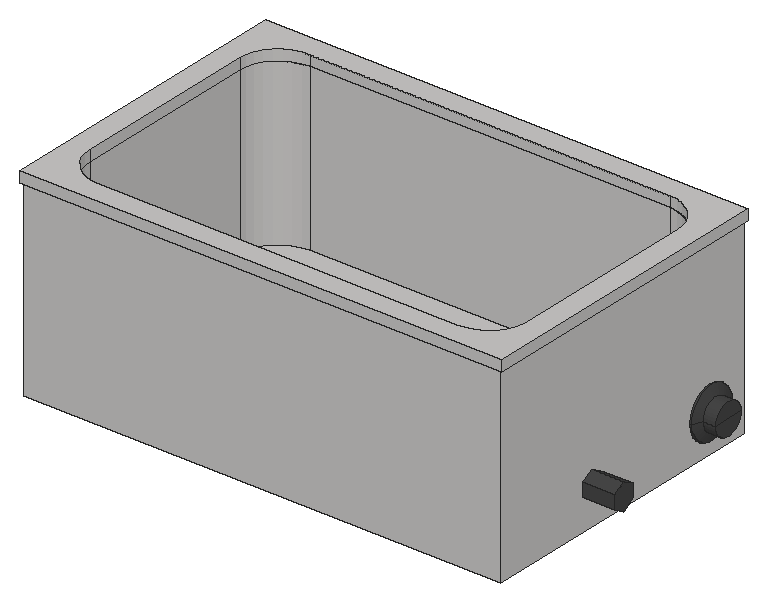
Revit family "QF_BOURGEAT_modele_a_poser", category Equipement spécialisé, Revit 2015
Parameters
  URL Fabricant = "http://www.bourgeat.fr"
  URL = ""
  Type de Raccord Electrique = ""
  Type article = ""
  Tension = 230 V
  Spécification du Fabricant = "bain_marie_de_table_à_poser"
  Remarques Electricité = ""
  Puissance électrique  = 1200 W
  Profondeur hors tout = 235 mm
  Poids net à vide = 9.00 kg
  Phase = 2
  Niveau_sonore = ""
  Nature_isolant = "30mm de laine de roche"
  Modèle = "867101"
  Longueur hors tout = 620 mm
  Intensité nominale = 5.21739 A
  Indice de protection = "IP21"
  Hauteur hors tout = 370 mm
  Fréquence = 50 Hz
  Fabricant = "BOURGEAT"
  Contact_SAV = "0033(4).76.32.14.44"
  Charge max = 20.00 kg
Reference planes
  plane 1 "Centre (avant/arrière)": y = 0
  plane 2: z = 0
  plane 3 "Centre (gauche/droite)": x = 0
  plane 4: x = 277.5
  plane 5: x = -277.5
  plane 6: y = 177.5
  plane 7: y = -177.5
  plane 8: z = 240
  plane 9: z = 252
  plane 10: z = 20
  plane 11: x = -275
  plane 12: x = 275
  plane 13: y = 175
  plane 14: y = -175
  plane 15: y = 152.5
  plane 16: x = 252.5
  plane 17: y = -152.5
  plane 18: x = -252.5
  plane 19: z = 50
  plane 20: y = -45
  plane 21: z = 65
  plane 22: y = -31.5
  plane 23: y = -58.5
  plane 24: z = 80.5
  plane 25: z = 49.5
  plane 26: z = 72.8
  plane 27: z = 57.2
  plane 28: x = 312.5
  plane 29: y = 125
  plane 30: x = 278
  plane 31: x = 282
  plane 32: x = 297
  plane 33: z = 94
  plane 34: z = 83
  plane 35: z = 40
  plane 36: y = 155
  plane 37: z = 213
  plane 38: z = 205
  plane 39: y = -120
  plane 40: y = -40
  plane 41: z = 196.5
  plane 42: z = 196
  plane 43: z = 188
  plane 44: z = 179
  plane 45: z = 171
  plane 46: z = 162
  plane 47: z = 154
  plane 48: z = 145
  plane 49: z = 137
  plane 50: z = 128
  plane 51: z = 120
  plane 52: z = 111
  plane 53: z = 103
  plane 54: z = 94
  plane 55: z = 86
  plane 56: z = 77
  plane 57: z = 69
  plane 58: z = 60
  plane 59: z = 52
  plane 60: y = 40
  plane 61: y = 120
  plane 62: z = 196
  plane 63: x = -238
  plane 64: x = -230
  plane 65: x = -222.5
Forms (mm)
  Extrusion 1, solid, material "Acier inoxydable, brossé"
    sketch origin (0, 0, 0) x (1, 0, 0) y (0, 1, 0)
      loop
        line (-277.5, 177.5) -> (-277.5, -177.5) -> (277.5, -177.5) -> (277.5, 177.5) -> (-277.5, 177.5)
    from 240 to 252
  Extrusion 2, solid, material "Acier inoxydable, brossé"
    sketch origin (0, 0, 0) x (1, 0, 0) y (0, 1, 0)
      loop
        line (-275, 175) -> (-275, -175) -> (275, -175) -> (275, 175) -> (-275, 175)
    from 20 to 240
  Extrusion 3, void
    sketch origin (0, 0, 0) x (1, 0, 0) y (0, 1, 0)
      loop
        arc (-207.5, 152.5) -> (-239.32, 139.32) -> (-252.5, 107.5) r 45
        line (-252.5, 107.5) -> (-252.5, -107.5)
        arc (-252.5, -107.5) -> (-239.32, -139.32) -> (-207.5, -152.5) r 45
        line (-207.5, -152.5) -> (207.5, -152.5)
        arc (207.5, -152.5) -> (239.32, -139.32) -> (252.5, -107.5) r 45
        line (252.5, -107.5) -> (252.5, 107.5)
        arc (252.5, 107.5) -> (239.32, 139.32) -> (207.5, 152.5) r 45
        line (207.5, 152.5) -> (-207.5, 152.5)
    from 50 to 296.099
  Extrusion 4, solid, material "Plastique_noir"
    sketch origin (0, 0, 0) x (0, 1, 0) y (0, 0, 1)
      loop
        line (-45, 80.5) -> (-58.5, 72.8) -> (-58.5, 57.2) -> (-45, 49.5) -> (-31.5, 57.2) -> (-31.5, 72.8) -> (-45, 80.5)
    from 312.5 to 275
  Extrusion 5, solid
    sketch origin (0, 0, 0) x (0, 1, 0) y (0, 0, 1)
      loop
        circle (155, 40) r 5
    from -275 to -280.23
  Extrusion 6, void
    sketch origin (0, 0, 0) x (1, 0, 0) y (0, 0, 1)
      loop
        line (-276.466, 213) -> (-276.466, 204.834) -> (-268.3, 213) -> (-276.466, 213)
    from 40 to 120
  Extrusion 7, void
    sketch origin (0, 0, -17) x (1, 0, 0) y (0, 0, 1)
      loop
        line (-276.466, 213) -> (-276.466, 204.834) -> (-268.3, 213) -> (-276.466, 213)
    from 40 to 120
  Extrusion 8, void
    sketch origin (0, 0, -34) x (1, 0, 0) y (0, 0, 1)
      loop
        line (-276.466, 213) -> (-276.466, 204.834) -> (-268.3, 213) -> (-276.466, 213)
    from 40 to 120
  Extrusion 9, void
    sketch origin (0, 0, -51) x (1, 0, 0) y (0, 0, 1)
      loop
        line (-276.466, 213) -> (-276.466, 204.834) -> (-268.3, 213) -> (-276.466, 213)
    from 40 to 120
  Extrusion 10, void
    sketch origin (0, 0, -68) x (1, 0, 0) y (0, 0, 1)
      loop
        line (-276.466, 213) -> (-276.466, 204.834) -> (-268.3, 213) -> (-276.466, 213)
    from 40 to 120
  Extrusion 11, void
    sketch origin (0, 0, -85) x (1, 0, 0) y (0, 0, 1)
      loop
        line (-276.466, 213) -> (-276.466, 204.834) -> (-268.3, 213) -> (-276.466, 213)
    from 40 to 120
  Extrusion 12, void
    sketch origin (0, 0, -102) x (1, 0, 0) y (0, 0, 1)
      loop
        line (-276.466, 213) -> (-276.466, 204.834) -> (-268.3, 213) -> (-276.466, 213)
    from 40 to 120
  Extrusion 13, void
    sketch origin (0, 0, -119) x (1, 0, 0) y (0, 0, 1)
      loop
        line (-276.466, 213) -> (-276.466, 204.834) -> (-268.3, 213) -> (-276.466, 213)
    from 40 to 120
  Extrusion 14, void
    sketch origin (0, 0, -136) x (1, 0, 0) y (0, 0, 1)
      loop
        line (-276.466, 213) -> (-276.466, 204.834) -> (-268.3, 213) -> (-276.466, 213)
    from 40 to 120
  Extrusion 15, void
    sketch origin (0, 0, -153) x (1, 0, 0) y (0, 0, 1)
      loop
        line (-276.466, 213) -> (-276.466, 204.834) -> (-268.3, 213) -> (-276.466, 213)
    from 40 to 120
  Extrusion 16, void
    sketch origin (0, 0, 0) x (1, 0, 0) y (0, 0, 1)
      loop
        line (-276.466, 213) -> (-276.466, 204.834) -> (-268.3, 213) -> (-276.466, 213)
    from -120 to -40
  Extrusion 17, void
    sketch origin (0, 0, -17) x (1, 0, 0) y (0, 0, 1)
      loop
        line (-276.466, 213) -> (-276.466, 204.834) -> (-268.3, 213) -> (-276.466, 213)
    from -120 to -40
  Extrusion 18, void
    sketch origin (0, 0, -34) x (1, 0, 0) y (0, 0, 1)
      loop
        line (-276.466, 213) -> (-276.466, 204.834) -> (-268.3, 213) -> (-276.466, 213)
    from -120 to -40
  Extrusion 19, void
    sketch origin (0, 0, -51) x (1, 0, 0) y (0, 0, 1)
      loop
        line (-276.466, 213) -> (-276.466, 204.834) -> (-268.3, 213) -> (-276.466, 213)
    from -120 to -40
  Extrusion 20, void
    sketch origin (0, 0, -68) x (1, 0, 0) y (0, 0, 1)
      loop
        line (-276.466, 213) -> (-276.466, 204.834) -> (-268.3, 213) -> (-276.466, 213)
    from -120 to -40
  Extrusion 21, void
    sketch origin (0, 0, -85) x (1, 0, 0) y (0, 0, 1)
      loop
        line (-276.466, 213) -> (-276.466, 204.834) -> (-268.3, 213) -> (-276.466, 213)
    from -120 to -40
  Extrusion 22, void
    sketch origin (0, 0, -102) x (1, 0, 0) y (0, 0, 1)
      loop
        line (-276.466, 213) -> (-276.466, 204.834) -> (-268.3, 213) -> (-276.466, 213)
    from -120 to -40
  Extrusion 23, void
    sketch origin (0, 0, -119) x (1, 0, 0) y (0, 0, 1)
      loop
        line (-276.466, 213) -> (-276.466, 204.834) -> (-268.3, 213) -> (-276.466, 213)
    from -120 to -40
  Extrusion 24, void
    sketch origin (0, 0, -136) x (1, 0, 0) y (0, 0, 1)
      loop
        line (-276.466, 213) -> (-276.466, 204.834) -> (-268.3, 213) -> (-276.466, 213)
    from -120 to -40
  Extrusion 25, void
    sketch origin (0, 0, -153) x (1, 0, 0) y (0, 0, 1)
      loop
        line (-276.466, 213) -> (-276.466, 204.834) -> (-268.3, 213) -> (-276.466, 213)
    from -120 to -40
  Extrusion 26, void
    sketch origin (0, 0, -30) x (1, 0, 0) y (0, 0, 1)
      loop
        line (-238, 49.5) -> (-230, 49.5) -> (-238, 57.2) -> (-238, 49.5)
    from 40 to 120
  Extrusion 27, void
    sketch origin (15.5, 0, -30) x (1, 0, 0) y (0, 0, 1)
      loop
        line (-238, 49.5) -> (-230, 49.5) -> (-238, 57.2) -> (-238, 49.5)
    from 40 to 120
  Extrusion 28, void
    sketch origin (31, 0, -30) x (1, 0, 0) y (0, 0, 1)
      loop
        line (-238, 49.5) -> (-230, 49.5) -> (-238, 57.2) -> (-238, 49.5)
    from 40 to 120
  Extrusion 29, void
    sketch origin (46.5, 0, -30) x (1, 0, 0) y (0, 0, 1)
      loop
        line (-238, 49.5) -> (-230, 49.5) -> (-238, 57.2) -> (-238, 49.5)
    from 40 to 120
  Extrusion 30, void
    sketch origin (62, 0, -30) x (1, 0, 0) y (0, 0, 1)
      loop
        line (-238, 49.5) -> (-230, 49.5) -> (-238, 57.2) -> (-238, 49.5)
    from 40 to 120
  Extrusion 31, void
    sketch origin (77.5, 0, -30) x (1, 0, 0) y (0, 0, 1)
      loop
        line (-238, 49.5) -> (-230, 49.5) -> (-238, 57.2) -> (-238, 49.5)
    from 40 to 120
  Extrusion 32, void
    sketch origin (93, 0, -30) x (1, 0, 0) y (0, 0, 1)
      loop
        line (-238, 49.5) -> (-230, 49.5) -> (-238, 57.2) -> (-238, 49.5)
    from 40 to 120
  Extrusion 33, void
    sketch origin (108.5, 0, -30) x (1, 0, 0) y (0, 0, 1)
      loop
        line (-238, 49.5) -> (-230, 49.5) -> (-238, 57.2) -> (-238, 49.5)
    from 40 to 120
  Extrusion 34, void
    sketch origin (124, 0, -30) x (1, 0, 0) y (0, 0, 1)
      loop
        line (-238, 49.5) -> (-230, 49.5) -> (-238, 57.2) -> (-238, 49.5)
    from 40 to 120
  Extrusion 35, void
    sketch origin (139.5, 0, -30) x (1, 0, 0) y (0, 0, 1)
      loop
        line (-238, 49.5) -> (-230, 49.5) -> (-238, 57.2) -> (-238, 49.5)
    from 40 to 120
  Extrusion 36, void
    sketch origin (277.5, 0, -30) x (1, 0, 0) y (0, 0, 1)
      loop
        line (-238, 49.5) -> (-230, 49.5) -> (-238, 57.2) -> (-238, 49.5)
    from 40 to 120
  Extrusion 37, void
    sketch origin (293, 0, -30) x (1, 0, 0) y (0, 0, 1)
      loop
        line (-238, 49.5) -> (-230, 49.5) -> (-238, 57.2) -> (-238, 49.5)
    from 40 to 120
  Extrusion 38, void
    sketch origin (308.5, 0, -30) x (1, 0, 0) y (0, 0, 1)
      loop
        line (-238, 49.5) -> (-230, 49.5) -> (-238, 57.2) -> (-238, 49.5)
    from 40 to 120
  Extrusion 39, void
    sketch origin (324, 0, -30) x (1, 0, 0) y (0, 0, 1)
      loop
        line (-238, 49.5) -> (-230, 49.5) -> (-238, 57.2) -> (-238, 49.5)
    from 40 to 120
  Extrusion 40, void
    sketch origin (339.5, 0, -30) x (1, 0, 0) y (0, 0, 1)
      loop
        line (-238, 49.5) -> (-230, 49.5) -> (-238, 57.2) -> (-238, 49.5)
    from 40 to 120
  Extrusion 41, void
    sketch origin (355, 0, -30) x (1, 0, 0) y (0, 0, 1)
      loop
        line (-238, 49.5) -> (-230, 49.5) -> (-238, 57.2) -> (-238, 49.5)
    from 40 to 120
  Extrusion 42, void
    sketch origin (370.5, 0, -30) x (1, 0, 0) y (0, 0, 1)
      loop
        line (-238, 49.5) -> (-230, 49.5) -> (-238, 57.2) -> (-238, 49.5)
    from 40 to 120
  Extrusion 43, void
    sketch origin (386, 0, -30) x (1, 0, 0) y (0, 0, 1)
      loop
        line (-238, 49.5) -> (-230, 49.5) -> (-238, 57.2) -> (-238, 49.5)
    from 40 to 120
  Extrusion 44, void
    sketch origin (401.5, 0, -30) x (1, 0, 0) y (0, 0, 1)
      loop
        line (-238, 49.5) -> (-230, 49.5) -> (-238, 57.2) -> (-238, 49.5)
    from 40 to 120
  Extrusion 45, void
    sketch origin (417, 0, -30) x (1, 0, 0) y (0, 0, 1)
      loop
        line (-238, 49.5) -> (-230, 49.5) -> (-238, 57.2) -> (-238, 49.5)
    from 40 to 120
  Extrusion 46, void
    sketch origin (0, 0, 0) x (1, 0, 0) y (0, 0, 1)
      loop
        line (-238, 19.5) -> (-230, 19.5) -> (-238, 27.2) -> (-238, 19.5)
    from -120 to -40
  Extrusion 47, void
    sketch origin (15.5, 0, 0) x (1, 0, 0) y (0, 0, 1)
      loop
        line (-238, 19.5) -> (-230, 19.5) -> (-238, 27.2) -> (-238, 19.5)
    from -120 to -40
  Extrusion 48, void
    sketch origin (31, 0, 0) x (1, 0, 0) y (0, 0, 1)
      loop
        line (-238, 19.5) -> (-230, 19.5) -> (-238, 27.2) -> (-238, 19.5)
    from -120 to -40
  Extrusion 49, void
    sketch origin (46.5, 0, 0) x (1, 0, 0) y (0, 0, 1)
      loop
        line (-238, 19.5) -> (-230, 19.5) -> (-238, 27.2) -> (-238, 19.5)
    from -120 to -40
  Extrusion 50, void
    sketch origin (62, 0, 0) x (1, 0, 0) y (0, 0, 1)
      loop
        line (-238, 19.5) -> (-230, 19.5) -> (-238, 27.2) -> (-238, 19.5)
    from -120 to -40
  Extrusion 51, void
    sketch origin (77.5, 0, 0) x (1, 0, 0) y (0, 0, 1)
      loop
        line (-238, 19.5) -> (-230, 19.5) -> (-238, 27.2) -> (-238, 19.5)
    from -120 to -40
  Extrusion 52, void
    sketch origin (93, 0, 0) x (1, 0, 0) y (0, 0, 1)
      loop
        line (-238, 19.5) -> (-230, 19.5) -> (-238, 27.2) -> (-238, 19.5)
    from -120 to -40
  Extrusion 53, void
    sketch origin (108.5, 0, 0) x (1, 0, 0) y (0, 0, 1)
      loop
        line (-238, 19.5) -> (-230, 19.5) -> (-238, 27.2) -> (-238, 19.5)
    from -120 to -40
  Extrusion 54, void
    sketch origin (124, 0, 0) x (1, 0, 0) y (0, 0, 1)
      loop
        line (-238, 19.5) -> (-230, 19.5) -> (-238, 27.2) -> (-238, 19.5)
    from -120 to -40
  Extrusion 55, void
    sketch origin (139.5, 0, 0) x (1, 0, 0) y (0, 0, 1)
      loop
        line (-238, 19.5) -> (-230, 19.5) -> (-238, 27.2) -> (-238, 19.5)
    from -120 to -40
  Extrusion 56, void
    sketch origin (277.5, 0, 0) x (1, 0, 0) y (0, 0, 1)
      loop
        line (-238, 19.5) -> (-230, 19.5) -> (-238, 27.2) -> (-238, 19.5)
    from -120 to -40
  Extrusion 57, void
    sketch origin (293, 0, 0) x (1, 0, 0) y (0, 0, 1)
      loop
        line (-238, 19.5) -> (-230, 19.5) -> (-238, 27.2) -> (-238, 19.5)
    from -120 to -40
  Extrusion 58, void
    sketch origin (308.5, 0, 0) x (1, 0, 0) y (0, 0, 1)
      loop
        line (-238, 19.5) -> (-230, 19.5) -> (-238, 27.2) -> (-238, 19.5)
    from -120 to -40
  Extrusion 59, void
    sketch origin (324, 0, 0) x (1, 0, 0) y (0, 0, 1)
      loop
        line (-238, 19.5) -> (-230, 19.5) -> (-238, 27.2) -> (-238, 19.5)
    from -120 to -40
  Extrusion 60, void
    sketch origin (339.5, 0, 0) x (1, 0, 0) y (0, 0, 1)
      loop
        line (-238, 19.5) -> (-230, 19.5) -> (-238, 27.2) -> (-238, 19.5)
    from -120 to -40
  Extrusion 61, void
    sketch origin (355, 0, 0) x (1, 0, 0) y (0, 0, 1)
      loop
        line (-238, 19.5) -> (-230, 19.5) -> (-238, 27.2) -> (-238, 19.5)
    from -120 to -40
  Extrusion 62, void
    sketch origin (370.5, 0, 0) x (1, 0, 0) y (0, 0, 1)
      loop
        line (-238, 19.5) -> (-230, 19.5) -> (-238, 27.2) -> (-238, 19.5)
    from -120 to -40
  Extrusion 63, void
    sketch origin (386, 0, 0) x (1, 0, 0) y (0, 0, 1)
      loop
        line (-238, 19.5) -> (-230, 19.5) -> (-238, 27.2) -> (-238, 19.5)
    from -120 to -40
  Extrusion 64, void
    sketch origin (401.5, 0, 0) x (1, 0, 0) y (0, 0, 1)
      loop
        line (-238, 19.5) -> (-230, 19.5) -> (-238, 27.2) -> (-238, 19.5)
    from -120 to -40
  Extrusion 65, void
    sketch origin (417, 0, 0) x (1, 0, 0) y (0, 0, 1)
      loop
        line (-238, 19.5) -> (-230, 19.5) -> (-238, 27.2) -> (-238, 19.5)
    from -120 to -40
Cuts and joins
  Extrusion 3 cuts Extrusion 1
  Extrusion 3, Extrusion 6, Extrusion 7, Extrusion 8, Extrusion 9, Extrusion 10, Extrusion 11, Extrusion 12, Extrusion 13, Extrusion 14, Extrusion 15, Extrusion 16, Extrusion 17, Extrusion 18, Extrusion 19, Extrusion 20, Extrusion 21, Extrusion 22, Extrusion 23, Extrusion 24, Extrusion 25, Extrusion 26, Extrusion 27, Extrusion 28, Extrusion 29, Extrusion 30, Extrusion 31, Extrusion 32, Extrusion 33, Extrusion 34, Extrusion 35, Extrusion 36, Extrusion 37, Extrusion 38, Extrusion 39, Extrusion 40, Extrusion 41, Extrusion 42, Extrusion 43, Extrusion 44, Extrusion 45, Extrusion 46, Extrusion 47, Extrusion 48, Extrusion 49, Extrusion 50, Extrusion 51, Extrusion 52, Extrusion 53, Extrusion 54, Extrusion 55, Extrusion 56, Extrusion 57, Extrusion 58, Extrusion 59, Extrusion 60, Extrusion 61, Extrusion 62, Extrusion 63, Extrusion 64, Extrusion 65 cuts Extrusion 2
Dimensions and locks
  plane 5 to plane 4 = 555 mm
  plane 6 to plane 7 = 355 mm
  equal spacing: plane 5, plane 3 "Centre (gauche/droite)", plane 4
  equal spacing: plane 6, plane 1 "Centre (avant/arrière)", plane 7
  plane 35 to plane 10 = 20 mm
  cut or joined group of Extrusion 2, Extrusion 3, Extrusion 6, Extrusion 7, Extrusion 8, Extrusion 9, Extrusion 10, Extrusion 11, Extrusion 12, Extrusion 13, Extrusion 14, Extrusion 15, Extrusion 16, Extrusion 17, Extrusion 18, Extrusion 19, Extrusion 20, Extrusion 21, Extrusion 22, Extrusion 23, Extrusion 24, Extrusion 25, Extrusion 26, Extrusion 27, Extrusion 28, Extrusion 29, Extrusion 30, Extrusion 31, Extrusion 32, Extrusion 33, Extrusion 34, Extrusion 35, Extrusion 36, Extrusion 37, Extrusion 38, Extrusion 39, Extrusion 40, Extrusion 41, Extrusion 42, Extrusion 43, Extrusion 44, Extrusion 45, Extrusion 46, Extrusion 47, Extrusion 48, Extrusion 49, Extrusion 50, Extrusion 51, Extrusion 52, Extrusion 53, Extrusion 54, Extrusion 55, Extrusion 56, Extrusion 57, Extrusion 58, Extrusion 59, Extrusion 60, Extrusion 61, Extrusion 62, Extrusion 63, Extrusion 64, Extrusion 65 to plane 36 = 20 mm
  plane 9 to plane 37 = 39 mm
  plane 37 to plane 38 = 8 mm
  plane 42 to plane 43 = 8 mm
  equal spacing: group 1, group 2, group 3, group 4, group 5, group 6, group 7, group 8, group 9, group 10  (x2)
  equal spacing: group 10, group 9, group 8, group 7, group 6, group 5, group 4, group 3, group 2, group 1
  plane 44 to plane 45 = 8 mm
  plane 46 to plane 47 = 8 mm
  plane 48 to plane 49 = 8 mm
  plane 50 to plane 51 = 8 mm
  plane 52 to plane 53 = 8 mm
  plane 54 to plane 55 = 8 mm
  plane 56 to plane 57 = 8 mm
  plane 58 to plane 59 = 8 mm
  equal spacing: group 11, group 12, group 13, group 14, group 15, group 16, group 17, group 18, group 19, group 20  (x2)
  equal spacing: group 20, group 19, group 18, group 17, group 16, group 15, group 14, group 13, group 12, group 11
  plane 63 to plane 5 = 39.5 mm
  plane 65 to plane 63 = 15.5 mm
  equal spacing: group 21, group 22, group 23, group 24, group 25, group 26, group 27, group 28, group 29, group 30  (x3)
  equal spacing: group 41, group 42, group 43, group 44, group 45, group 46, group 47, group 48, group 49, group 50  (x3)
  aligned and locked: level to plane 2
  aligned and locked: Extrusion 1 sketch curve to plane 6
  aligned and locked: Extrusion 1 sketch curve to plane 5
  aligned and locked: Extrusion 1 sketch curve to plane 7
  aligned and locked: plane 4 to Extrusion 1
  aligned and locked: plane 9 to Extrusion 1
  aligned and locked: Extrusion 1 to plane 8
  aligned and locked: plane 13 to Extrusion 2 sketch curve
  aligned and locked: plane 11 to Extrusion 2 sketch curve
  aligned and locked: plane 14 to Extrusion 2 sketch curve
  aligned and locked: plane 12 to Extrusion 2 sketch curve
  aligned and locked: plane 8 to Extrusion 2
  aligned and locked: Extrusion 2 to plane 10
  aligned and locked: Extrusion 3 to plane 19
  aligned and locked: plane 28 to Extrusion 4
  aligned and locked: plane 21 to nested 1
  aligned and locked: plane 61 to Extrusion 16
  aligned and locked: Extrusion 16 to plane 60
  aligned and locked: Extrusion 26 to Extrusion 6
  aligned and locked: Extrusion 6 to Extrusion 26
  aligned and locked: Extrusion 46 to Extrusion 16
  aligned and locked: Extrusion 46 to plane 60
Automatic sketch dimensions
  Extrusion 3 sketch curve to plane 18 = 0 mm
  Extrusion 3 sketch curve to plane 15 = 0 mm
  plane 17 to Extrusion 3 sketch curve = 0 mm
  Extrusion 3 sketch curve to plane 16 = 0 mm
  Extrusion 3 sketch curve to plane 17 = 45 mm
  Extrusion 3 sketch curve to plane 15 = 45 mm
  Extrusion 3 sketch curve to plane 16 = 45 mm  (x2)
  Extrusion 4 sketch curve to plane 23 = 0 mm
  Extrusion 4 sketch curve to plane 20 = 0 mm  (x2)
  Extrusion 4 sketch curve to plane 22 = 0 mm
  plane 25 to Extrusion 4 sketch curve = 0 mm
  plane 27 to Extrusion 4 sketch curve = 0 mm  (x2)
  Extrusion 4 sketch curve to plane 26 = 0 mm  (x2)
  Extrusion 4 sketch curve to plane 24 = 0 mm
  Extrusion 5 sketch curve to plane 35 = 0 mm
  Extrusion 5 sketch curve to plane 36 = 0 mm
  Extrusion 6 sketch curve to plane 37 = 0 mm
  Extrusion 6 sketch curve to plane 38 = 0.166 mm
  Extrusion 6 sketch curve to Extrusion 6 sketch curve = 8.166 mm
  Extrusion 7 sketch curve to plane 42 = 0 mm
  Extrusion 7 sketch curve to plane 43 = 0.166 mm
  Extrusion 7 sketch curve to Extrusion 7 sketch curve = 8.166 mm
  Extrusion 8 sketch curve to plane 44 = 0 mm
  Extrusion 8 sketch curve to plane 45 = 0.166 mm
  Extrusion 8 sketch curve to Extrusion 8 sketch curve = 8.166 mm
  Extrusion 9 sketch curve to plane 46 = 0 mm
  Extrusion 9 sketch curve to plane 47 = 0.166 mm
  Extrusion 9 sketch curve to Extrusion 9 sketch curve = 8.166 mm
  Extrusion 10 sketch curve to plane 48 = 0 mm
  Extrusion 10 sketch curve to plane 49 = 0.166 mm
  Extrusion 10 sketch curve to Extrusion 10 sketch curve = 8.166 mm
  Extrusion 11 sketch curve to plane 50 = 0 mm
  Extrusion 11 sketch curve to plane 51 = 0.166 mm
  Extrusion 11 sketch curve to Extrusion 11 sketch curve = 8.166 mm
  Extrusion 12 sketch curve to plane 52 = 0 mm
  Extrusion 12 sketch curve to plane 53 = 0.166 mm
  Extrusion 12 sketch curve to Extrusion 12 sketch curve = 8.166 mm
  Extrusion 13 sketch curve to plane 54 = 0 mm
  Extrusion 13 sketch curve to plane 55 = 0.166 mm
  Extrusion 13 sketch curve to Extrusion 13 sketch curve = 8.166 mm
  Extrusion 14 sketch curve to plane 56 = 0 mm
  Extrusion 14 sketch curve to plane 57 = 0.166 mm
  Extrusion 14 sketch curve to Extrusion 14 sketch curve = 8.166 mm
  Extrusion 15 sketch curve to plane 58 = 0 mm
  Extrusion 15 sketch curve to plane 59 = 0.166 mm
  Extrusion 15 sketch curve to Extrusion 15 sketch curve = 8.166 mm
  Extrusion 16 sketch curve to Extrusion 16 sketch curve = 8.166 mm  (x2)
  Extrusion 17 sketch curve to Extrusion 17 sketch curve = 8.166 mm  (x2)
  Extrusion 18 sketch curve to Extrusion 18 sketch curve = 8.166 mm  (x2)
  Extrusion 19 sketch curve to Extrusion 19 sketch curve = 8.166 mm  (x2)
  Extrusion 20 sketch curve to Extrusion 20 sketch curve = 8.166 mm  (x2)
  Extrusion 21 sketch curve to Extrusion 21 sketch curve = 8.166 mm  (x2)
  Extrusion 22 sketch curve to Extrusion 22 sketch curve = 8.166 mm  (x2)
  Extrusion 23 sketch curve to Extrusion 23 sketch curve = 8.166 mm  (x2)
  Extrusion 24 sketch curve to Extrusion 24 sketch curve = 8.166 mm  (x2)
  Extrusion 25 sketch curve to Extrusion 25 sketch curve = 8.166 mm  (x2)
  Extrusion 26 sketch curve to Extrusion 26 sketch curve = 8 mm
  Extrusion 26 sketch curve to Extrusion 26 sketch curve = 7.7 mm
  Extrusion 27 sketch curve to Extrusion 27 sketch curve = 8 mm
  Extrusion 27 sketch curve to Extrusion 27 sketch curve = 7.7 mm
  Extrusion 28 sketch curve to Extrusion 28 sketch curve = 8 mm
  Extrusion 28 sketch curve to Extrusion 28 sketch curve = 7.7 mm
  Extrusion 29 sketch curve to Extrusion 29 sketch curve = 8 mm
  Extrusion 29 sketch curve to Extrusion 29 sketch curve = 7.7 mm
  Extrusion 30 sketch curve to Extrusion 30 sketch curve = 8 mm
  Extrusion 30 sketch curve to Extrusion 30 sketch curve = 7.7 mm
  Extrusion 31 sketch curve to Extrusion 31 sketch curve = 8 mm
  Extrusion 31 sketch curve to Extrusion 31 sketch curve = 7.7 mm
  Extrusion 32 sketch curve to Extrusion 32 sketch curve = 8 mm
  Extrusion 32 sketch curve to Extrusion 32 sketch curve = 7.7 mm
  Extrusion 33 sketch curve to Extrusion 33 sketch curve = 8 mm
  Extrusion 33 sketch curve to Extrusion 33 sketch curve = 7.7 mm
  Extrusion 34 sketch curve to Extrusion 34 sketch curve = 8 mm
  Extrusion 34 sketch curve to Extrusion 34 sketch curve = 7.7 mm
  Extrusion 35 sketch curve to Extrusion 35 sketch curve = 8 mm
  Extrusion 35 sketch curve to Extrusion 35 sketch curve = 7.7 mm
  Extrusion 36 sketch curve to Extrusion 36 sketch curve = 8 mm
  Extrusion 36 sketch curve to Extrusion 36 sketch curve = 7.7 mm
  Extrusion 37 sketch curve to Extrusion 37 sketch curve = 8 mm
  Extrusion 37 sketch curve to Extrusion 37 sketch curve = 7.7 mm
  Extrusion 38 sketch curve to Extrusion 38 sketch curve = 8 mm
  Extrusion 38 sketch curve to Extrusion 38 sketch curve = 7.7 mm
  Extrusion 39 sketch curve to Extrusion 39 sketch curve = 8 mm
  Extrusion 39 sketch curve to Extrusion 39 sketch curve = 7.7 mm
  Extrusion 40 sketch curve to Extrusion 40 sketch curve = 8 mm
  Extrusion 40 sketch curve to Extrusion 40 sketch curve = 7.7 mm
  Extrusion 41 sketch curve to Extrusion 41 sketch curve = 8 mm
  Extrusion 41 sketch curve to Extrusion 41 sketch curve = 7.7 mm
  Extrusion 42 sketch curve to Extrusion 42 sketch curve = 8 mm
  Extrusion 42 sketch curve to Extrusion 42 sketch curve = 7.7 mm
  Extrusion 43 sketch curve to Extrusion 43 sketch curve = 8 mm
  Extrusion 43 sketch curve to Extrusion 43 sketch curve = 7.7 mm
  Extrusion 44 sketch curve to Extrusion 44 sketch curve = 8 mm
  Extrusion 44 sketch curve to Extrusion 44 sketch curve = 7.7 mm
  Extrusion 45 sketch curve to Extrusion 45 sketch curve = 8 mm
  Extrusion 45 sketch curve to Extrusion 45 sketch curve = 7.7 mm
  Extrusion 46 sketch curve to Extrusion 46 sketch curve = 8 mm
  Extrusion 46 sketch curve to Extrusion 46 sketch curve = 7.7 mm
  Extrusion 47 sketch curve to Extrusion 47 sketch curve = 8 mm
  Extrusion 47 sketch curve to Extrusion 47 sketch curve = 7.7 mm
  Extrusion 48 sketch curve to Extrusion 48 sketch curve = 8 mm
  Extrusion 48 sketch curve to Extrusion 48 sketch curve = 7.7 mm
  Extrusion 49 sketch curve to Extrusion 49 sketch curve = 8 mm
  Extrusion 49 sketch curve to Extrusion 49 sketch curve = 7.7 mm
  Extrusion 50 sketch curve to Extrusion 50 sketch curve = 8 mm
  Extrusion 50 sketch curve to Extrusion 50 sketch curve = 7.7 mm
  Extrusion 51 sketch curve to Extrusion 51 sketch curve = 8 mm
  Extrusion 51 sketch curve to Extrusion 51 sketch curve = 7.7 mm
  Extrusion 52 sketch curve to Extrusion 52 sketch curve = 8 mm
  Extrusion 52 sketch curve to Extrusion 52 sketch curve = 7.7 mm
  Extrusion 53 sketch curve to Extrusion 53 sketch curve = 8 mm
  Extrusion 53 sketch curve to Extrusion 53 sketch curve = 7.7 mm
  Extrusion 54 sketch curve to Extrusion 54 sketch curve = 8 mm
  Extrusion 54 sketch curve to Extrusion 54 sketch curve = 7.7 mm
  Extrusion 55 sketch curve to Extrusion 55 sketch curve = 8 mm
  Extrusion 55 sketch curve to Extrusion 55 sketch curve = 7.7 mm
  Extrusion 56 sketch curve to Extrusion 56 sketch curve = 8 mm
  Extrusion 56 sketch curve to Extrusion 56 sketch curve = 7.7 mm
  Extrusion 57 sketch curve to Extrusion 57 sketch curve = 8 mm
  Extrusion 57 sketch curve to Extrusion 57 sketch curve = 7.7 mm
  Extrusion 58 sketch curve to Extrusion 58 sketch curve = 8 mm
  Extrusion 58 sketch curve to Extrusion 58 sketch curve = 7.7 mm
  Extrusion 59 sketch curve to Extrusion 59 sketch curve = 8 mm
  Extrusion 59 sketch curve to Extrusion 59 sketch curve = 7.7 mm
  Extrusion 60 sketch curve to Extrusion 60 sketch curve = 8 mm
  Extrusion 60 sketch curve to Extrusion 60 sketch curve = 7.7 mm
  Extrusion 61 sketch curve to Extrusion 61 sketch curve = 8 mm
  Extrusion 61 sketch curve to Extrusion 61 sketch curve = 7.7 mm
  Extrusion 62 sketch curve to Extrusion 62 sketch curve = 8 mm
  Extrusion 62 sketch curve to Extrusion 62 sketch curve = 7.7 mm
  Extrusion 63 sketch curve to Extrusion 63 sketch curve = 8 mm
  Extrusion 63 sketch curve to Extrusion 63 sketch curve = 7.7 mm
  Extrusion 64 sketch curve to Extrusion 64 sketch curve = 8 mm
  Extrusion 64 sketch curve to Extrusion 64 sketch curve = 7.7 mm
  Extrusion 65 sketch curve to Extrusion 65 sketch curve = 8 mm
  Extrusion 65 sketch curve to Extrusion 65 sketch curve = 7.7 mm
  Extrusion 1 sketch curve to plane 4 = 0 mm
  radius of Extrusion 5 sketch curve = 5 mm
Nested families
  nested 1: "bouton_rond" at (275, 125, 65), type "bouton_rond"
Connectors
  electrical at (-280.23, 155, 40)
    settings: on Extrusion 5, index 1, voltage 0 V, apparent load 0 VA, apparent load phase1 0 VA, apparent load phase2 0 VA, apparent load phase3 0 VA, power factor 1, load classification "Autre", number of poles 1, system type 30, power factor state 1, is connector primary yes, connector utility no, sub classification motor no, connector description "prise 2p+T cordon 1m"
Definition of nested family "bouton_rond"
  Reference planes
    plane 1 "Centre (avant/arrière)": y = 0
    plane 2: z = 0
    plane 3 "Centre (gauche/droite)": x = 0
    plane 4: x = 3
    plane 5: x = 7
    plane 6: x = 22
  Forms (mm)
    Revolve 1, solid
      sketch origin (0, 0, 0) x (1, 0, 0) y (0, 1, 0)
        loop
          line (0, 29) -> (0, 0) -> (22, 0) -> (22, 18) -> (7, 18) -> (3, 29) -> (0, 29)
        axis (22, 0) -> (0, 0)
      angle from 0 to 360
  Dimensions and locks
    aligned and locked: level to plane 2
